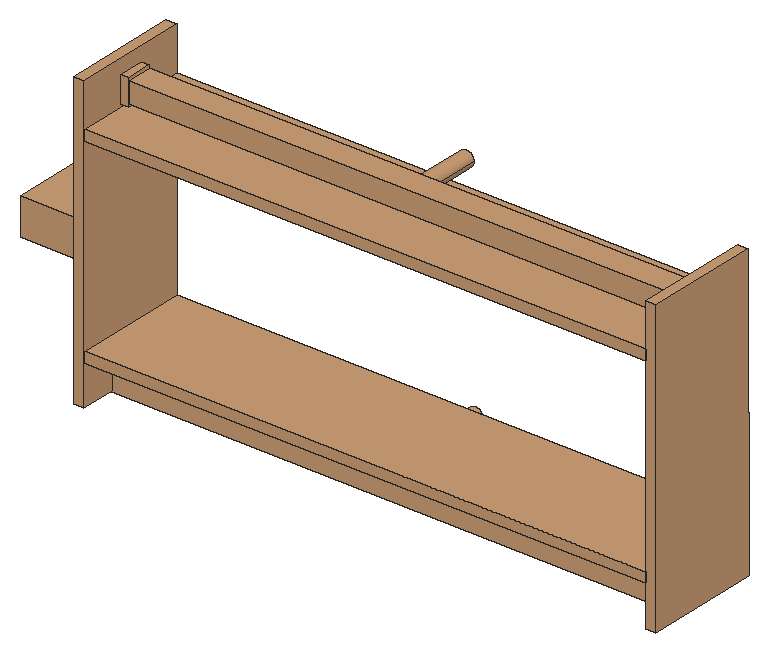
Revit family
Parameters
  Center Of Unit = 0' - 0"  # constant formula
  Water Pressure Drop [instance] = 0.00 psi
  Water Flow [instance] = 0 GPM
  Unit Weight (lbs) = 839
  URL = "http://www.ljwing.com/"
  Water Outlet Radius = 0' - 1 1/2"
  Water Outlet Odd sizes = 0' - 0"
  Total Heating Capacity [instance] = 0.0 Btu/h
  Temperature Rise [instance] = 0 °F
  Series = "VIFB"
  Outlet Area = 26.80 SF
  Number of Rows = 1  # constant formula
  Number of Coils [instance] = 0
  Nominal Length = 9' - 3 3/16"
  Model = "VB-10"
  Manufacturer = "LJ Wing"
  Leaving Water Temperature [instance] = 0 °F
  Leaving Air Temperature [instance] = 0 °F
  Face Velocity (FPM) [instance] = 0
  Entering Water Temperature [instance] = 0 °F
  Entering Air Temperature [instance] = 0 °F
  Description = "Vertical Integral Face & Bypass Water Heating Coils"
  Hot Water Odd Sizes = 0' - 0"
  Hot Water Inlet Offset = 0' - 4 3/8"  # constant formula
  Hot Water Inlet  Radius = 0' - 1 1/2"
  Coil Face Area = Outlet Area * 0.56  # 15.008 SF
  Casing Material = ""
  Assembly Code = "D3020300"
  Air Pressure Drop [instance] = 0.00 in-wg
  Air Inlet Width = Nominal Length - 0' 4"  # 8' - 11 3/16"
  Air Inlet Height = Y  # 3' - 0"
  Air Flow [instance] = 0 CFM
  Z = 0' - 2 1/8"
  Y = 3' - 0"
  S = 0' - 9 3/4"
  Product URL = "http://www.ljwing.com/html/vifb.asp"
  OmniClass = "23-75 70 21 14"
  Nominal Height = 4' - 8"
  Nominal Depth = 1' - 10"
  R = 0' - 10 1/4"
  Q = 0' - 4 19/32"
  P = 0' - 5 1/8"
  L = 0' - 5 15/16"
Reference planes (in)
  plane 1 "Center (Front/Back)": y = 0
  plane 2: z = -18
  plane 3 "Center (Left/Right)": x = 0
  plane 4: z = 28.25
  plane 5: x = -55.59375
  plane 6: x = 55.59375
  plane 7: z = -27.75
  plane 8: z = 0
  plane 9: y = -11
  plane 10: y = 11
  plane 11: z = 18
  plane 12: z = 20
  plane 13: z = -20
  plane 14: x = 53.59375
  plane 15: x = -53.59375
  plane 16: z = 23.125
  plane 17: z = -21.8125
  plane 18: x = -51
  plane 19: x = 51
  plane 20: y = 13.125
  plane 21: y = 15.375
  plane 22: x = -66.59375
  plane 23: x = 0
  plane 24: x = 0
  plane 25: z = 25.125
  plane 26: z = 21.125
  plane 27: y = -2.5
  plane 28: y = 2.5
  plane 29: y = -4.5
Forms (in)
  Extrusion 1, solid, material "Painted Finish"
    sketch origin (0, 6, -9.75) x (1, 0, 0) y (0, 0, 1)
      loop
        line (-55.59375, -18) -> (-53.59375, -18) -> (-53.59375, 38) -> (-55.59375, 38) -> (-55.59375, -18)
      loop
        line (55.59375, -18) -> (55.59375, 38) -> (53.59375, 38) -> (53.59375, -18) -> (55.59375, -18)
    from -5 to 17
  Extrusion 2, solid, material "Painted Finish"
    sketch origin (0, 6, 0) x (1, 0, 0) y (0, 0, 1)
      loop
        line (53.59375, -18) -> (-53.59375, -18) -> (-53.59375, -20) -> (53.59375, -20) -> (53.59375, -18)
      loop
        line (53.59375, 18) -> (53.59375, 20) -> (-53.59375, 20) -> (-53.59375, 18) -> (53.59375, 18)
    from -5 to 17
  Extrusion 3, solid, material "Painted Finish"
    sketch origin (0, 10, -0.5) x (1, 0, 0) y (0, 0, 1)
      loop
        line (-55.59375, 4) -> (-66.59375, 4) -> (-66.59375, -3) -> (-55.59375, -3) -> (-55.59375, 4)
    from 0 to 20
  Extrusion 4, solid, material "Painted Finish"
    sketch origin (0, 6, 0) x (1, 0, 0) y (0, 0, 1)
      loop
        line (-51.96875, 25.125) -> (-51.96875, 21.125) -> (51.96875, 21.125) -> (51.96875, 25.125) -> (-51.96875, 25.125)
    from 3.5 to 8.5
  Extrusion 5, solid, material "Painted Finish"
    sketch origin (0, 0, 0) x (1, 0, 0) y (0, 0, 1)
      loop
        line (-51.96875, 20.625) -> (-51.96875, 25.625) -> (-53.59375, 25.625) -> (-53.59375, 20.625) -> (-51.96875, 20.625)
      loop
        line (53.59375, 20.625) -> (53.59375, 25.625) -> (51.96875, 25.625) -> (51.96875, 20.625) -> (53.59375, 20.625)
    from -2.5 to 2.5
  Extrusion 6, solid, material "Painted Finish"
    sketch origin (0, 23, 0) x (1, 0, 0) y (0, 0, 1)
      loop
        circle (0, 23.125) r 1.5
    from 9.875 to 20.5
  Extrusion 7, solid, material "Painted Finish"
    sketch origin (0, 6, 0) x (1, 0, 0) y (0, 0, 1)
      loop
        line (-53.59375, -20) -> (-53.59375, -27.75) -> (53.59375, -27.75) -> (53.59375, -20) -> (-53.59375, -20)
    from -5 to 10.5
  Extrusion 8, solid, material "Painted Finish"
    sketch origin (0, 23, 0) x (1, 0, 0) y (0, 0, 1)
      loop
        circle (0, -21.8125) r 1.5
    from 7.625 to 12
  Extrusion 9, void
    sketch origin (0, 0, 0) x (1, 0, 0) y (0, 0, 1)
      loop
        line (-53.59375, 18) -> (-53.59375, -18) -> (53.59375, -18) -> (53.59375, 18) -> (-53.59375, 18)
    from -11 to 11
Cuts and joins
  Extrusion 9 cuts Extrusion 1
  Extrusion 9 cuts Extrusion 2
Dimensions and locks (in)
  "Nominal Length": plane 6 to plane 5
  equal spacing: plane 6, plane 3 "Center (Left/Right)", plane 5
  "S": plane 2 to plane 7
  "Nominal Depth": plane 10 to plane 9
  equal spacing: plane 10, plane 1 "Center (Front/Back)", plane 9
  "Y": plane 11 to plane 2
  "R": plane 4 to plane 11
  locked: plane 12 to plane 11 at 2
  locked: plane 2 to plane 13 at 2
  "P": plane 4 to plane 16
  "L": plane 17 to plane 7
  "Q": plane 18 to plane 5
  "Q": plane 6 to plane 19
  "Z": plane 20 to plane 10
  "Hot Water Inlet Offset": plane 21 to plane 10
  locked: plane 5 to plane 22 at 11
  locked: Extrusion 3 sketch curve to Extrusion 3 sketch curve at 7
  locked: Extrusion 3 to Extrusion 3 at 20
  locked: plane 6 to plane 14 at 2
  locked: plane 15 to plane 5 at 2
  "Water Outlet Odd sizes": plane 23 to plane 3 "Center (Left/Right)"
  "Hot Water Odd Sizes": plane 3 "Center (Left/Right)" to plane 24
  equal spacing: plane 25, plane 16, plane 26
  locked: Extrusion 5 sketch curve to plane 25 at 0.5
  locked: plane 26 to Extrusion 5 sketch curve at 0.5
  locked: Extrusion 6 sketch curve to plane 16 at 0
  locked: Extrusion 6 sketch curve to plane 23 at 0
  locked: Extrusion 8 sketch curve to plane 17 at 0
  locked: Extrusion 8 sketch curve to plane 24 at 0
  locked: plane 25 to plane 26 at 4
  locked: plane 28 to plane 27 at 5
  equal spacing: plane 28, plane 1 "Center (Front/Back)", plane 27
  locked: plane 27 to plane 29 at 2
  plane 4 to plane 7 = 4' - 8"
  locked: Extrusion 5 sketch curve to Extrusion 1 at 1.625
  locked: Extrusion 5 sketch curve to Extrusion 5 sketch curve at 1.625
  locked: Extrusion 9 sketch curve to plane 11 at 0
  locked: Extrusion 9 sketch curve to plane 15 at 0
  locked: Extrusion 9 sketch curve to plane 14 at 0
  locked: Extrusion 9 sketch curve to plane 2 at 0
  equal spacing: plane 11, plane 8, plane 2
  "Water Outlet Radius": radius of Extrusion 6 sketch curve
  "Hot Water Inlet  Radius": radius of Extrusion 8 sketch curve
  aligned and locked: Extrusion 1 to plane 9
  aligned and locked: Extrusion 1 to plane 10
  aligned and locked: plane 15 to Extrusion 1
  aligned and locked: Extrusion 1 to plane 14
  aligned and locked: plane 9 to Extrusion 2
  aligned and locked: plane 9 to Extrusion 1
  aligned and locked: plane 10 to Extrusion 1  (x2)
  aligned and locked: Extrusion 2 to plane 10
  aligned and locked: plane 10 to Extrusion 2  (x2)
  aligned and locked: Extrusion 2 to plane 9  (x2)
  aligned and locked: plane 5 to Extrusion 3
  aligned and locked: Extrusion 5 sketch curve to plane 15
  aligned and locked: Extrusion 5 sketch curve to Extrusion 4
  aligned and locked: Extrusion 6 to plane 20
  aligned and locked: Extrusion 1 to Extrusion 7
  aligned and locked: plane 10 to Extrusion 8
  aligned and locked: Extrusion 8 to plane 21  (x2)
  aligned and locked: plane 27 to Extrusion 5
  aligned and locked: Extrusion 5 to Extrusion 4  (x2)
  aligned and locked: Extrusion 5 to plane 28
  aligned and locked: Extrusion 6 to Extrusion 4
  aligned and locked: Extrusion 7 to plane 29  (x2)
  aligned and locked: Extrusion 8 to Extrusion 7
  aligned and locked: Extrusion 4 to Extrusion 5  (x2)
  aligned and locked: Extrusion 5 to Extrusion 1  (x2)
  aligned and locked: plane 2 to Extrusion 2
  aligned and locked: plane 6 to Extrusion 1 sketch curve
  aligned and locked: plane 14 to Extrusion 1 sketch curve
  aligned and locked: Extrusion 1 sketch curve to plane 15
  aligned and locked: Extrusion 1 sketch curve to plane 5
  aligned and locked: plane 7 to Extrusion 1 sketch curve  (x2)
  aligned and locked: Extrusion 1 sketch curve to plane 4  (x2)
  aligned and locked: Extrusion 2 sketch curve to plane 11
  aligned and locked: Extrusion 2 sketch curve to plane 12
  aligned and locked: Extrusion 2 sketch curve to plane 14  (x2)
  aligned and locked: Extrusion 2 sketch curve to plane 15  (x2)
  aligned and locked: Extrusion 2 sketch curve to plane 13
  aligned and locked: plane 2 to Extrusion 2 sketch curve
  aligned and locked: plane 13 to Extrusion 7 sketch curve
  aligned and locked: Extrusion 7 sketch curve to plane 7
  aligned and locked: Extrusion 7 sketch curve to plane 14
  aligned and locked: plane 15 to Extrusion 7 sketch curve
  aligned and locked: cut or joined group of Extrusion 1, Extrusion 9 to plane 10
Automatic sketch dimensions
  Extrusion 3 sketch curve to plane 22 = 0' - 0"
  Extrusion 3 sketch curve to plane 5 = 0' - 0"
  plane 8 to Extrusion 3 sketch curve = 0' - 3 1/2"
  Extrusion 4 sketch curve to plane 25 = 0' - 0"
  Extrusion 4 sketch curve to plane 26 = 0' - 0"
  Extrusion 4 sketch curve to plane 18 = 0' - 0 31/32"
  plane 19 to Extrusion 4 sketch curve = 0' - 0 31/32"
  plane 26 to Extrusion 5 sketch curve = 0' - 0 1/2"
  Extrusion 5 sketch curve to plane 25 = 0' - 0 1/2"
Connectors (in)
  hvac at (0, -11, 0), driven by "Air Inlet Height", driven by "Air Inlet Width", driven by "Air Flow", driven by "Air Pressure Drop"
    settings: on Extrusion 9, index 1
  hvac at (0, 11, 0), driven by "Air Pressure Drop", driven by "Air Inlet Height", driven by "Air Inlet Width", driven by "Air Flow"
    settings: on Extrusion 9, index 2
  piping at (0, 13.125, 23.125), driven by "Water Flow", driven by "Water Outlet Radius", driven by "Water Pressure Drop"
    settings: on Extrusion 6, index 3
  piping at (0, 15.375, -21.8125), driven by "Water Flow", driven by "Water Pressure Drop", driven by "Hot Water Inlet  Radius"
    settings: on Extrusion 8, index 4
